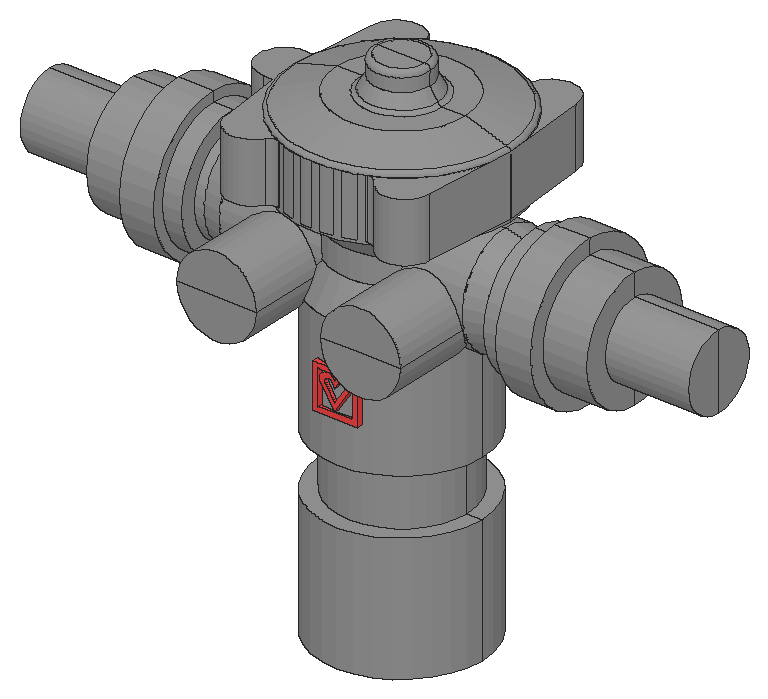
Revit family "Комби-клапан – регулятор расхода 4006_R_SMART", category Rohrzubehör, Revit 2018
Family settings
  Bemaßung runder Anschluss = Durchmesser verwenden
  Teiletyp = Unterbricht
  OmniClass-Nummer = 23.65.55.14
  OmniClass-Titel = Valves for Liquid Services
  Arbeitsebenenbasiert = Nein
  Immer vertikal = Ja
  Beim Laden mit Abzugskörper schneiden = Nein
  Gemeinsam genutzt = Nein
Parameters
  Номер заказа резьбового соединения [instance] = size_lookup("4006R_S", "Vrnr", 0, Nennweite)  # 1621011
  Номер заказа [instance] = size_lookup("4006R_S", "Artnr", 0, Nennweite)  # 1400661
  Мин. рабочая температура (чистая вода) = 2 °C  # constant formula
  Мин. рабочая температура (антифриз) = -20 °C  # constant formula
  Макс. рабочая температура до DN32 = 130 °C  # constant formula
  Макс. рабочая температура от DN40 = 110 °C  # constant formula
  Макс. рабочее давление = 1600000.0 Pa  # constant formula
  Среда = "Качество теплоносителя в соответствии с ÖNORM H5195 и/или предписаниями VDI-Standard 2035.\nРазрешается использование смеси этилен- или пропиленгликоля в соотношении 25-50% с водой."
  VRL01 = 30.000 mm  # constant formula
  V12 = 17.000 mm  # constant formula
  V10 = 7.000 mm  # constant formula
  V09 [instance] = L06 + 4.000 mm  # 11.000 mm
  V04 [instance] = V08 + 3.000 mm  # 13.000 mm
  V03 [instance] = V08 + 5.000 mm  # 15.000 mm
  V02 [instance] = V01 + 4.500 mm  # 12.000 mm
  V01 [instance] = Nennweite / 2  # 7.500 mm
  URL = "www.herz-armaturen.ru"
  Шпиндель = "Нержавеющая сталь 14301"  # constant formula
  SCRNSEQ = "ARM;ARM_TYP=\"DURR\";2"
  SCRNCODE = "05;04;02"  # constant formula
  S09 = 10.000 mm  # constant formula
  S08 = 30.000 mm  # constant formula
  S07 [instance] = H03 + 3.700 mm  # 10.051 mm
  S04 [instance] = V03 * 2  # 30.000 mm
  S01 [instance] = L01 + L02 + (VRL01 * 2)  # 135.000 mm
  R17 [instance] = size_lookup("4006R_S", "R17", 12.500 mm, Nennweite)  # 12.500 mm
  R16 [instance] = size_lookup("4006R_S", "R16", 16.500 mm, Nennweite)  # 16.500 mm
  R15 = 7.225 mm  # constant formula
  R14 = 8.070 mm  # constant formula
  R13 = 3.496 mm  # constant formula
  R12 = 6.800 mm  # constant formula
  R11 = 9.620 mm  # constant formula
  R10 = 6.800 mm  # constant formula
  R09 = 16.292 mm  # constant formula
  R08 = 13.212 mm  # constant formula
  R07 = 18.816 mm  # constant formula
  R06 = 22.000 mm  # constant formula
  R05 = 12.954 mm  # constant formula
  R04 = 7.193 mm  # constant formula
  R03 = 5.755 mm  # constant formula
  R02 = 4.670 mm  # constant formula
  R01 [instance] = size_lookup("4006R_S", "R01", 11.000 mm, Nennweite)  # 11.000 mm
  PN = 16  # constant formula
  Кольцевое уплотнение O-Ring = "EPDM"  # constant formula
  V08 [instance] = size_lookup("4006R_S", "N2", 10.000 mm, Nennweite)  # 10.000 mm
  Nennweite/2 [instance] = size_lookup("4006R_S", "N1", 8.000 mm, Nennweite)  # 9.000 mm
  Nennweite [instance] = 15.000 mm
  Корпус мембраны = "латунь CW602N"  # constant formula
  Мембрана = "EPDM"  # constant formula
  L15 [instance] = size_lookup("4006R_S", "L15", 3.300 mm, Nennweite)  # 3.300 mm
  L14 [instance] = size_lookup("4006R_S", "L14", 43.477 mm, Nennweite)  # 43.477 mm
  L13 [instance] = size_lookup("4006R_S", "L13", 32.232 mm, Nennweite)  # 32.232 mm
  L12 [instance] = size_lookup("4006R_S", "L12", 6.497 mm, Nennweite)  # 6.497 mm
  L11 [instance] = size_lookup("4006R_S", "L11", 5.418 mm, Nennweite)  # 5.418 mm
  L10 [instance] = size_lookup("4006R_S", "L10", 12.434 mm, Nennweite)  # 12.434 mm
  L09 [instance] = size_lookup("4006R_S", "L09", 24.943 mm, Nennweite)  # 24.943 mm
  L08 [instance] = size_lookup("4006R_S", "L08", 28.260 mm, Nennweite)  # 28.260 mm
  L07 [instance] = size_lookup("4006R_S", "L07", 33.915 mm, Nennweite)  # 33.915 mm
  L06 = 7.000 mm  # constant formula
  L05 = 9.000 mm  # constant formula
  L04 = 21.000 mm  # constant formula
  L03 = 28.000 mm  # constant formula
  L02 = 34.000 mm  # constant formula
  L01 = 41.000 mm  # constant formula
  Импульсная трубка = "Медь Cu-DHP (CW024A)"  # constant formula
  Ход = 4.000 mm  # constant formula
  Hersteller = "Herz-Armaturen GmbH"  # constant formula
  H04 = 12.000 mm  # constant formula
  H03 = 6.351 mm  # constant formula
  H02 [instance] = size_lookup("4006R_S", "H2", 69.000 mm, Nennweite)  # 69.000 mm
  H01 [instance] = size_lookup("4006R_S", "H1", 35.000 mm, Nennweite)  # 35.000 mm
  H [instance] = 112.553 mm  # constant formula
  Корпус = "Латунь, устойчивая к селективной цинковой коррозии"  # constant formula
  E20 = 108.221 mm  # constant formula
  E19 = 5.000 mm  # constant formula
  E18 = 5.150 mm  # constant formula
  E17 = 28.850 mm  # constant formula
  E16 = 23.700 mm  # constant formula
  E15 = 21.877 mm  # constant formula
  E14 = 20.506 mm  # constant formula
  E13 = 11.063 mm  # constant formula
  E12 = 9.001 mm  # constant formula
  E11 = 10.700 mm  # constant formula
  E10 = 20.427 mm  # constant formula
  E09 = 20.075 mm  # constant formula
  E08 = 20.825 mm  # constant formula
  E07 = 5.150 mm  # constant formula
  E06 = 17.921 mm  # constant formula
  E05 = 20.519 mm  # constant formula
  E04 = 19.704 mm  # constant formula
  E03 = 18.385 mm  # constant formula
  E02 = 20.014 mm  # constant formula
  E01 = 23.000 mm  # constant formula
  Пружина = "Пружинная нержавеющая сталь"  # constant formula
  Защитный колпачок = "Пластик"  # constant formula
  B09 = 7.998 mm  # constant formula
  B08 = 26.000 mm  # constant formula
  B07 = 30.908 mm  # constant formula
  B06 = 39.471 mm  # constant formula
  B05 = 40.933 mm  # constant formula
  B04 = 41.901 mm  # constant formula
  B03 = 44.372 mm  # constant formula
  B02 = 45.400 mm  # constant formula
  B01 = 50.000 mm  # constant formula
  Область применения = "Комби-клапан применяется в системах отопления и охлаждения с насосами. Комби-клапан автоматически ограничивает расход на выбранном участке системы до заданного значения, компенсируя все колебания давления. При этом нет необходимости в измерениях, а регулирование эффективно при любых условиях эксплуатации. Комби-клапан регулирует расход в соответствии с настройкой до заданного значения; на мембрану воздействует давление непосредственно до и после регулирующей части."
Reference planes
  plane 1 "Mitte (Vorne/hinten)": y = 0
  plane 2: z = 0
  plane 3 "Mitte (Links/rechts)": x = 0
Forms (mm)
  Revolve 1, solid, material "Messing, weicher Gelbton, geschweißt", detail levels fine
    sketch origin (0, 0, 0) x (1, 0, 0) y (0, 0, 1)
      loop
        line (-41, 9) -> (-34, 9) -> (-34, 0) -> (27, 0) -> (27, 9) -> (34, 9) -> (34, 10) -> (25, 10) -> (21, 11) -> (-28, 11) -> (-32, 10) -> (-41, 10) -> (-41, 9)
      axis (-41, 0) -> (34, 0)
    angle from 0 to 360
  Revolve 2, solid, material "Messing, weicher Gelbton, geschweißt", detail levels fine
    sketch origin (0, 0, 0) x (1, 0, 0) y (0, 0, 1)
      loop
        line (0, -69) -> (16.292, -69) -> (16.292, -43.477) -> (13.212, -43.477) -> (13.212, -32.232) -> (16.292, -32.232) -> (16.292, -6.497) -> (13.212, 0.106) -> (13.212, 5.418) -> (18.816, 12.434) -> (22, 12.434) -> (22, 24.943)
        arc (22, 24.943) -> (21.752, 25.523) -> (21.223, 25.866) r 1.085
        line (21.223, 25.866) -> (12.954, 28.26) -> (8.134, 28.26)
        arc (8.134, 28.26) -> (7.591, 28.406) -> (7.193, 28.803) r 1.086
        line (7.193, 28.803) -> (5.755, 31.294) -> (5.755, 33.915)
        arc (5.755, 33.915) -> (5.437, 34.682) -> (4.67, 35) r 1.085
        line (4.67, 35) -> (0, 35) -> (0, -69)
      axis (0, 35) -> (0, -69)
    angle from 0 to 360
  Extrusion 3, solid, material "Messing, weicher Gelbton, geschweißt", detail levels fine
    sketch origin (0, 0, 28.917) x (1, 0, 0) y (0, 1, 0)
      loop
        arc (-20.506, 17.921) -> (-21.381, 11.556) -> (-21.877, 5.15) r 108.259
        line (-21.877, 5.15) -> (-23.7, 5.15)
        arc (-23.7, 5.15) -> (-27.342, 3.642) -> (-28.85, 0) r 5.15
        arc (-28.85, 0) -> (-27.342, -3.642) -> (-23.7, -5.15) r 5.15
        line (-23.7, -5.15) -> (-21.877, -5.15)
        arc (-21.877, -5.15) -> (-21.356, -11.79) -> (-20.427, -18.385) r 108.259
        arc (-20.427, -18.385) -> (-16.688, -23.223) -> (-11.063, -20.825) r 5
        arc (-11.063, -20.825) -> (-10.143, -20.146) -> (-9.001, -20.075) r 2.019
        arc (-9.001, -20.075) -> (0, -22.001) -> (9.001, -20.075) r 22.001
        arc (9.001, -20.075) -> (10.143, -20.145) -> (11.063, -20.825) r 2.019
        arc (11.063, -20.825) -> (16.688, -23.223) -> (20.427, -18.385) r 5
        arc (20.427, -18.385) -> (22, 0) -> (20.427, 18.385) r 108.221
        arc (20.427, 18.385) -> (16.253, 23.316) -> (10.7, 20.014) r 5
        arc (10.7, 20.014) -> (9.88, 19.699) -> (9.001, 19.704) r 2.379
        arc (9.001, 19.704) -> (0, 21.663) -> (-9.001, 19.704) r 21.663
        arc (-9.001, 19.704) -> (-10.161, 19.785) -> (-11.063, 20.519) r 1.927
        arc (-11.063, 20.519) -> (-16.774, 22.818) -> (-20.506, 17.921) r 5.079
    from -15.973 to -3.973
  Revolve 4, solid, material "Messing, weicher Gelbton, geschweißt", detail levels fine
    sketch origin (0, 0, -3.3) x (1, 0, 0) y (0, 1, 0)
      loop
        line (-16.5, -26) -> (-16.5, -7.998) -> (-24.57, -7.998) -> (-24.57, -26) -> (-16.5, -26)
      axis (-16.5, -7.998) -> (-16.5, -26)
    angle from 0 to 360
  Revolve 5, solid, material "Messing, weicher Gelbton, geschweißt", detail levels fine
    sketch origin (-4, 0, -3.3) x (-1, 0, 0) y (0, -1, 0)
      loop
        line (-16.5, 26) -> (-24.57, 26) -> (-24.57, 7.998) -> (-16.5, 7.998) -> (-16.5, 26)
      axis (-16.5, 7.998) -> (-16.5, 26)
    angle from 0 to 360
  Revolve 6, solid, material "Messing, weicher Gelbton, geschweißt", detail levels fine
    sketch origin (0, 0, 0) x (1, 0, 0) y (0, 0, 1)
      loop
        line (34, 0) -> (64, 0) -> (64, 7.5) -> (47, 7.5) -> (47, 12) -> (38, 12) -> (38, 15) -> (31, 15) -> (31, 13) -> (27, 13) -> (27, 10) -> (34, 10) -> (34, 0)
      axis (27, 0) -> (64, 0)
    angle from 0 to 360
  Revolve 7, solid, material "Messing, weicher Gelbton, geschweißt", detail levels fine
    sketch origin (-7, 0, 0) x (-1, 0, 0) y (0, 0, -1)
      loop
        line (34, 0) -> (34, -10) -> (27, -10) -> (27, -13) -> (31, -13) -> (31, -15) -> (38, -15) -> (38, -12) -> (47, -12) -> (47, -7.5) -> (64, -7.5) -> (64, 0) -> (34, 0)
      axis (27, 0) -> (64, 0)
    angle from 0 to 360
Lines and regions (mm)
  model lines, detail levels coarse+medium
    curve 1: line (67.5, -15, 0) -> (67.5, 15, 0)
    curve 2: line (67.5, 15, 0) -> (-67.5, -15, 0)
    curve 3: line (-67.5, -15, 0) -> (-67.5, 15, 0)
    curve 4: line (-67.5, 15, 0) -> (67.5, -15, 0)
    curve 5: line (-67.5, 14.673, 0) -> (0, -12.434, 0)
    curve 6: line (0, -12.434, 0) -> (67.5, 14.673, 0)
    curve 7: line (0, -12.434, 0) -> (0, -24.949, 0)
    curve 8: spline (-22, -29.974, 0) -> (-21.25, -28.674, 0) -> (-19.053, -27.462, 0) -> (-15.556, -26.421, 0) -> (-11, -25.622, 0) -> (-5.694, -25.12, 0) -> (0, -24.949, 0) -> (5.694, -25.12, 0) -> (11, -25.622, 0) -> (15.556, -26.421, 0) -> (19.053, -27.462, 0) -> (21.25, -28.674, 0) -> (22, -29.975, 0) -> (21.25, -31.275, 0) -> (19.053, -32.487, 0) -> (15.556, -33.528, 0) -> (11, -34.327, 0) -> (5.694, -34.829, 0) -> (0, -35, 0) -> (-5.694, -34.829, 0) -> (-11, -34.327, 0) -> (-15.556, -33.528, 0) -> (-19.053, -32.487, 0) -> (-21.25, -31.275, 0) -> (-22, -29.974, 0)
    curve 9: line (-67.5, 0, 15) -> (-67.5, 0, -15)
    curve 10: line (-67.5, 0, -15) -> (67.5, 0, 15)
    curve 11: line (67.5, 0, 15) -> (67.5, 0, -15)
    curve 12: line (67.5, 0, -15) -> (-67.5, 0, 15)
    curve 13: line (67.5, 0, -14.975) -> (0, 0, 12.434)
    curve 14: line (0, 0, 12.434) -> (-67.5, 0, -15)
    curve 15: line (0, 0, 12.434) -> (0, 0, 24.949)
    curve 16: spline (-22, 0, 29.975) -> (-21.25, 0, 31.275) -> (-19.053, 0, 32.487) -> (-15.556, 0, 33.528) -> (-11, 0, 34.327) -> (-5.694, 0, 34.829) -> (0, 0, 35) -> (5.694, 0, 34.829) -> (11, 0, 34.327) -> (15.556, 0, 33.528) -> (19.053, 0, 32.487) -> (21.25, 0, 31.275) -> (22, 0, 29.974) -> (21.25, 0, 28.674) -> (19.053, 0, 27.462) -> (15.556, 0, 26.421) -> (11, 0, 25.622) -> (5.694, 0, 25.12) -> (0, 0, 24.949) -> (-5.694, 0, 25.12) -> (-11, 0, 25.622) -> (-15.556, 0, 26.421) -> (-19.053, 0, 27.462) -> (-21.25, 0, 28.674) -> (-22, 0, 29.975)
  model lines
    curve 17: line (-67.5, 0, 15) -> (-77.5, 0, 15)
    curve 18: line (-77.5, 0, 15) -> (-67.5, 0, 0)
    curve 19: line (-67.5, 0, -15) -> (-77.5, 0, -15)
    curve 20: line (-77.5, 0, -15) -> (-67.5, 0, 0)
    curve 21: line (67.5, 0, 15) -> (77.5, 0, 15)
    curve 22: line (77.5, 0, 15) -> (67.5, 0, 0)
    curve 23: line (67.5, 0, -15) -> (77.5, 0, -15)
    curve 24: line (77.5, 0, -15) -> (67.5, 0, 0)
    curve 25: line (-67.5, 0, 0) -> (-97.5, 0, 0)
    curve 26: line (67.5, 0, 0) -> (97.5, 0, 0)
Dimensions and locks
  "H02": level to Revolve 2 sketch curve
  "L01": plane 3 "Mitte (Links/rechts)" to Revolve 1 sketch curve
  "V08": Revolve 1 sketch curve to Revolve 1 sketch curve  (x2)
  "Nennweite/2": Revolve 1 sketch curve to Revolve 1 sketch curve  (x2)
  "E01": plane 1 "Mitte (Vorne/hinten)" to Extrusion 3 sketch curve
  "L03": plane 3 "Mitte (Links/rechts)" to Revolve 1 sketch curve
  "L04": Revolve 1 sketch curve to plane 3 "Mitte (Links/rechts)"
  "L05": Revolve 1 sketch curve to Revolve 1 sketch curve  (x2)
  "L06": Revolve 1 sketch curve to Revolve 1 sketch curve  (x2)
  "L02": Revolve 1 sketch curve to plane 3 "Mitte (Links/rechts)"
  "H01": Revolve 2 sketch curve to level
  "R02": Revolve 2 sketch curve to Revolve 2 sketch curve
  "R03": Revolve 2 sketch curve to Revolve 2 sketch curve
  "R04": Revolve 2 sketch curve to Revolve 2 sketch curve
  "R05": Revolve 2 sketch curve to Revolve 2 sketch curve
  "R06": Revolve 2 sketch curve to Revolve 2 sketch curve
  "R07": Revolve 2 sketch curve to Revolve 2 sketch curve
  "R08": Revolve 2 sketch curve to Revolve 2 sketch curve  (x2)
  "R09": Revolve 2 sketch curve to Revolve 2 sketch curve  (x2)
  "L07": Revolve 2 sketch curve to plane 2
  "L08": Revolve 2 sketch curve to plane 2
  "L09": Revolve 2 sketch curve to plane 2
  "L10": Revolve 2 sketch curve to plane 2
  "L11": Revolve 2 sketch curve to plane 2
  "L12": plane 2 to Revolve 2 sketch curve
  "L13": plane 2 to Revolve 2 sketch curve
  "L14": plane 2 to Revolve 2 sketch curve
  "B08": plane 1 "Mitte (Vorne/hinten)" to Revolve 4 sketch curve
  "E02": plane 1 "Mitte (Vorne/hinten)" to Extrusion 3 sketch curve
  "E03": plane 1 "Mitte (Vorne/hinten)" to Extrusion 3 sketch curve
  "E04": plane 1 "Mitte (Vorne/hinten)" to Extrusion 3 sketch curve  (x2)
  "E05": plane 1 "Mitte (Vorne/hinten)" to Extrusion 3 sketch curve
  "E06": plane 1 "Mitte (Vorne/hinten)" to Extrusion 3 sketch curve
  "E07": plane 1 "Mitte (Vorne/hinten)" to Extrusion 3 sketch curve  (x2)
  "E03": Extrusion 3 sketch curve to plane 1 "Mitte (Vorne/hinten)"  (x2)
  "E08": Extrusion 3 sketch curve to plane 1 "Mitte (Vorne/hinten)"  (x2)
  "E09": Extrusion 3 sketch curve to plane 1 "Mitte (Vorne/hinten)"  (x2)
  "E07": Extrusion 3 sketch curve to plane 1 "Mitte (Vorne/hinten)"
  "E10": plane 3 "Mitte (Links/rechts)" to Extrusion 3 sketch curve  (x2)
  "E11": plane 3 "Mitte (Links/rechts)" to Extrusion 3 sketch curve
  "E12": plane 3 "Mitte (Links/rechts)" to Extrusion 3 sketch curve  (x2)
  "E12": Extrusion 3 sketch curve to plane 3 "Mitte (Links/rechts)"  (x2)
  "E13": Extrusion 3 sketch curve to plane 3 "Mitte (Links/rechts)"  (x2)
  "E14": Extrusion 3 sketch curve to plane 3 "Mitte (Links/rechts)"
  "E15": Extrusion 3 sketch curve to plane 3 "Mitte (Links/rechts)"  (x2)
  "E16": Extrusion 3 sketch curve to plane 3 "Mitte (Links/rechts)"  (x2)
  "E17": Extrusion 3 sketch curve to plane 3 "Mitte (Links/rechts)"
  "E10": Extrusion 3 sketch curve to plane 3 "Mitte (Links/rechts)"
  "E13": plane 3 "Mitte (Links/rechts)" to Extrusion 3 sketch curve
  "H03": Revolve 2 to Extrusion 3
  "H04": Extrusion 3 to Extrusion 3
  "R01": Revolve 1 sketch curve to Revolve 1 sketch curve
  "R16": Revolve 4 sketch curve to plane 3 "Mitte (Links/rechts)"
  "B08": Revolve 5 sketch curve to plane 1 "Mitte (Vorne/hinten)"
  "R17": plane 3 "Mitte (Links/rechts)" to Revolve 5 sketch curve
  "L06": Revolve 6 sketch curve to Revolve 6 sketch curve
  "V09": Revolve 6 sketch curve to Revolve 6 sketch curve
  "V10": Revolve 6 sketch curve to Revolve 6 sketch curve
  "V12": Revolve 6 sketch curve to Revolve 6 sketch curve
  "V01": Revolve 6 sketch curve to plane 2
  "V02": Revolve 6 sketch curve to plane 2
  "V03": Revolve 6 sketch curve to plane 2
  "V08": Revolve 6 sketch curve to plane 2
  "V04": Revolve 6 sketch curve to plane 2
  "L02": Revolve 6 sketch curve to plane 3 "Mitte (Links/rechts)"
  "L06": Revolve 7 sketch curve to Revolve 7 sketch curve
  "V09": Revolve 7 sketch curve to Revolve 7 sketch curve
  "V10": Revolve 7 sketch curve to Revolve 7 sketch curve
  "V12": Revolve 7 sketch curve to Revolve 7 sketch curve
  "V01": Revolve 7 sketch curve to plane 2
  "V02": Revolve 7 sketch curve to plane 2
  "L01": Revolve 7 sketch curve to plane 3 "Mitte (Links/rechts)"
  "V08": Revolve 7 sketch curve to plane 2
  "V04": Revolve 7 sketch curve to plane 2
  "V03": Revolve 7 sketch curve to plane 2
  "S01": curve 3 to curve 1
  "S04": curve 3 to curve 4
  "S04": curve 4 to curve 2
  equal spacing: curve 3, plane 1 "Mitte (Vorne/hinten)", curve 4
  equal spacing: curve 4, plane 1 "Mitte (Vorne/hinten)", curve 2
  "S07": curve 8 to curve 8
  "H01": curve 8 to plane 1 "Mitte (Vorne/hinten)"
  "L10": curve 7 to plane 1 "Mitte (Vorne/hinten)"
  "R06": curve 8 to plane 3 "Mitte (Links/rechts)" to curve 8
  "VRL01": Revolve 7 sketch curve to Revolve 7 sketch curve
  "VRL01": Revolve 6 sketch curve to Revolve 6 sketch curve
  equal spacing: curve 3, plane 3 "Mitte (Links/rechts)", curve 1
  "S01": curve 9 to curve 11
  equal spacing: curve 9, plane 3 "Mitte (Links/rechts)", curve 11
  "R06": curve 16 to plane 3 "Mitte (Links/rechts)" to curve 16
  "S07": curve 16 to curve 16
  "S04": curve 11 to curve 12
  "S04": curve 12 to curve 14
  equal spacing: curve 12, plane 2, curve 14
  equal spacing: curve 11, plane 2, curve 12
  "L10": curve 15 to plane 2
  "H01": curve 16 to plane 2
  "S09": curve 18 to curve 9
  "S09": curve 20 to curve 9
  "S08": curve 25 to curve 9
  "V03": curve 17 to plane 2 to curve 19
  "S09": curve 11 to curve 22
  "S09": curve 11 to curve 24
  "S08": curve 11 to curve 26
  "V03": curve 21 to plane 2 to curve 23
  "E18": radius of Extrusion 3 sketch curve  (x2)
  "E19": radius of Extrusion 3 sketch curve  (x3)
  "E20": radius of Extrusion 3 sketch curve
  aligned and locked: level to plane 2
Automatic sketch dimensions
  curve 18 to level = 0.000 mm
  curve 22 to level = 0.000 mm
  curve 17 to curve 18 = 10.000 mm
  curve 22 to curve 23 = 10.000 mm
  curve 19 to curve 19 = 10.000 mm
  curve 17 to curve 17 = 10.000 mm
  curve 23 to curve 23 = 10.000 mm
  curve 21 to curve 21 = 10.000 mm
  curve 6 to plane 3 "Mitte (Links/rechts)" = 0.000 mm
  curve 6 to curve 1 = 0.327 mm
  curve 5 to curve 3 = 0.327 mm
  Revolve 1 sketch curve to level = 0.000 mm  (x2)
  Revolve 1 sketch curve to Revolve 1 sketch curve = 1307.458 mm
  Revolve 1 sketch curve to Revolve 1 sketch curve = 1854.450 mm
  Revolve 2 sketch curve to plane 3 "Mitte (Links/rechts)" = 0.000 mm  (x2)
  Revolve 2 sketch curve to Revolve 2 sketch curve = 0.941 mm
  Revolve 2 sketch curve to Revolve 2 sketch curve = 1.078 mm
  Revolve 2 sketch curve to Revolve 2 sketch curve = 0.302 mm
  level to Revolve 2 sketch curve = 0.106 mm
  Revolve 2 sketch curve to Revolve 2 sketch curve = 0.119 mm
  Revolve 2 sketch curve to Revolve 2 sketch curve = 0.543 mm
  Revolve 2 sketch curve to Revolve 2 sketch curve = 2.621 mm
  Revolve 2 sketch curve to Revolve 2 sketch curve = 297.045 mm
  Revolve 2 sketch curve to Revolve 2 sketch curve = 2179.315 mm
  Extrusion 3 sketch curve to Extrusion 3 sketch curve = 0.000 mm  (x4)
  plane 1 "Mitte (Vorne/hinten)" to Extrusion 3 sketch curve = 0.000 mm
  Extrusion 3 sketch curve to Extrusion 3 sketch curve = 0.452 mm
  Extrusion 3 sketch curve to Extrusion 3 sketch curve = 1.611 mm
  Extrusion 3 sketch curve to Extrusion 3 sketch curve = 1.247 mm
  Extrusion 3 sketch curve to Extrusion 3 sketch curve = 1.610 mm
  Revolve 4 sketch curve to Revolve 4 sketch curve = 0.000 mm  (x3)
  Revolve 4 sketch curve to Revolve 4 sketch curve = 8.070 mm
  plane 1 "Mitte (Vorne/hinten)" to Revolve 4 sketch curve = 7.998 mm
  Revolve 5 sketch curve to Revolve 5 sketch curve = 0.000 mm  (x3)
  Revolve 5 sketch curve to Revolve 5 sketch curve = 8.070 mm
  plane 1 "Mitte (Vorne/hinten)" to Revolve 5 sketch curve = 7.998 mm
  Revolve 6 sketch curve to level = 0.000 mm  (x2)
  Revolve 6 sketch curve to Revolve 6 sketch curve = 0.000 mm  (x2)
  Revolve 7 sketch curve to level = 0.000 mm  (x2)
  Revolve 7 sketch curve to Revolve 7 sketch curve = 0.000 mm  (x2)
  curve 14 to plane 3 "Mitte (Links/rechts)" = 0.000 mm
  curve 10 to curve 14 = 0.000 mm
  curve 11 to curve 13 = 0.025 mm
Nested families
  nested 1: "Herz-Logo-vorne" at (0, -16.056, -19.148) x (0, 1, 0) z (0, 0, 1), type "Herz-Logo-vorne"
Connectors
  piping at (64, 0, 0), diameter 15, driven by "Nennweite"
    settings: on Revolve 6, index 1, connector inside diameter 609.6 mm, connector length 0.000 mm, flow factor 0, pipe flow 0.0 L/s, pressure drop 0.0 Pa, fitting loss kfactor 0, connector angle 0.00°, fixture units 0, engagement length 0.000 mm, angle of deflection 0.00°, flow configuration 0, flow direction 2, fitting loss method 0, system type 29, joint type 0, gender type 0, connector reference index -1, connector utility 0, adjustable connector no, is connector primary yes, connector description ""
  piping at (-71, 0, 0), diameter 15, driven by "Nennweite"
    settings: on Revolve 7, index 2, connector inside diameter 609.6 mm, connector length 0.000 mm, flow factor 0, pipe flow 0.0 L/s, pressure drop 0.0 Pa, fitting loss kfactor 0, connector angle 0.00°, fixture units 0, engagement length 0.000 mm, angle of deflection 0.00°, flow configuration 0, flow direction 1, fitting loss method 0, system type 29, joint type 0, gender type 0, connector reference index -1, connector utility 0, adjustable connector no, is connector primary no, connector description ""
Definition of nested family "Herz-Logo-vorne"
  Reference planes
    plane 1 "Mitte (Vorne/hinten)": y = 0
    plane 2: z = 0
    plane 3 "Mitte (Links/rechts)": x = 0
  Forms (mm)
    Extrusion 1, solid
      sketch origin (0.732, -0.018, 0.017) x (0, -1, 0) y (0, 0, 1)
        loop
          line (-0.018, -4.517) -> (4.482, -4.517) -> (4.482, 4.483) -> (-4.518, 4.483) -> (-4.518, -4.517) -> (-0.018, -4.517)
        loop
          line (-0.05, -3.48) -> (3.482, -3.48) -> (3.482, 3.483) -> (-3.518, 3.483) -> (-3.518, -3.48) -> (-0.05, -3.48)
        loop
          arc (-0.018, 2.383) -> (-1.543, 3.287) -> (-3.067, 2.383) r 1.738
          arc (-3.067, 2.383) -> (-3.191, 1.899) -> (-3.067, 1.415) r 1.009
          line (-3.067, 1.415) -> (-0.018, -3.281) -> (3.032, 1.415)
          arc (3.032, 1.415) -> (3.156, 1.899) -> (3.032, 2.383) r 1.009
          arc (3.032, 2.383) -> (1.507, 3.287) -> (-0.018, 2.383) r 1.738
        loop
          arc (1.885, 1.272) -> (2.005, 1.675) -> (1.885, 2.079) r 0.74
          arc (1.885, 2.079) -> (1.265, 2.416) -> (0.644, 2.079) r 0.74
          line (0.644, 2.079) -> (-0.018, 0.97) -> (-0.679, 2.079)
          arc (-0.679, 2.079) -> (-1.3, 2.416) -> (-1.921, 2.079) r 0.74
          arc (-1.921, 2.079) -> (-2.04, 1.675) -> (-1.921, 1.272) r 0.74
          line (-1.921, 1.272) -> (-0.018, -1.658) -> (1.885, 1.272)
      from 0 to 1.5
  Dimensions and locks
    aligned and locked: level to plane 2
